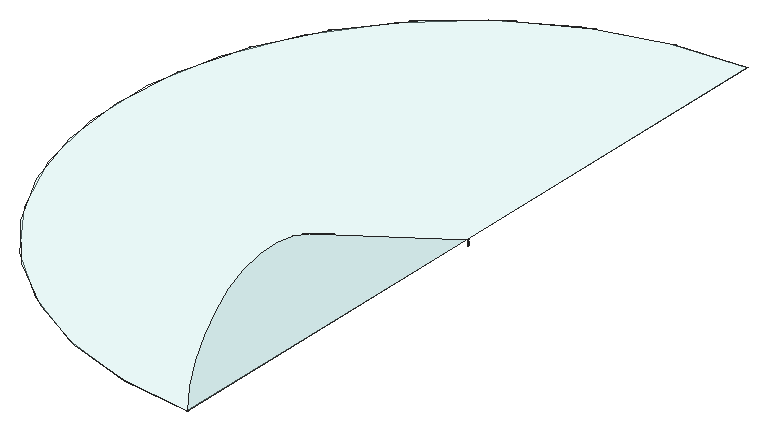
Revit family "Rotor 8005 Series - I8005NPSS", category Acessórios do tubo, Revit 2020
Family settings
  Cota do conector redondo = Utilizar diâmetro
  Tipo de parte = Normal
  Número OmniClass = 23.60.30.11.14
  Título OmniClass = Pipework Fittings
  Com base no plano de trabalho = Não
  Sempre na vertical = Sim
  Corte com vazios quando carregada = Não
  Compartilhado = Não
Parameters (values of type "Nozzle 20")
  Water = Water
  URL = "https://www.rainbird.com/"
  TABLE 90 = "TABLE 90psi"
  TABLE 80 = "TABLE 80psi"
  TABLE 70 = "TABLE 70psi"
  TABLE 60 = "TABLE 60psi"
  TABLE 50 = "TABLE 50psi"
  TABLE 100 = "TABLE 100psi"
  SupportProjetos: Reviw Date = ""  # constant formula
  SupportProjetos: Reviw = "R00"  # constant formula
  SupportProjetos: Level of Detail = "LOD 300"  # constant formula
  SupportProjetos: Developed = "MICHEL SOARES MOTA"  # constant formula
  SupportProjetos: Creation Date = "12/08/2020"  # constant formula
  Side inlet = no
  Rotation Water Visibility [instance] = Pop up on  # yes
  Rotation Angle [instance] = 180.00°
  RainBird: Product Link = "https://www.rainbird.com/"
  RainBird: Description = "I8005-NP-SS Rotor "  # constant formula
  RainBird: Comment [instance] = ""
  RainBird: Code = "B81400NP"  # constant formula
  Radius [instance] = if(and(Pressure = 50.0 psi, Instance < 13 ft), size_lookup(TABLE 50, "Radius", 0 ft, Instance), if(and(Pressure = 60.0 psi, Instance < 13 ft), size_lookup(TABLE 60, "Radius", 0 ft, Instance), if(and(Pressure = 70.0 psi, Instance < 13 ft), size_lookup(TABLE 70, "Radius", 0 ft, Instance), if(and(Pressure = 80.0 psi, Instance < 13 ft), size_lookup(TABLE 80, "Radius", 0 ft, Instance), if(and(Pressure = 90.0 psi, Instance > 4 ft), size_lookup(TABLE 90, "Radius", 0 ft, Instance), if(and(Pressure = 100.0 psi, Instance > 8 ft), size_lookup(TABLE 100, "Radius", 0 ft, Instance), 600 ft))))))  # 73 ft
  RT = 0.009893 ft
  RN = 0.032808 ft
  R5 = 0.03937 ft
  R4 = 0.04101 ft
  R3 = 0.065617 ft
  R2 = 0.075407 ft
  R1 = 0.032808 ft
  Pressure [instance] = 90.0 psi
  Pop up height = 0.417 ft  # constant formula
  Pop up on [instance] = yes
  Modelo = "I8005NPSS"  # constant formula
  Instance = 9 ft
  H1 = Body height / 3  # 0.240667 ft
  Flow [instance] = if(and(Pressure = 50.0 psi, Instance < 13 ft), size_lookup(TABLE 50, "Flow", 0.0 GPM, Instance), if(and(Pressure = 60.0 psi, Instance < 13 ft), size_lookup(TABLE 60, "Flow", 0.0 GPM, Instance), if(and(Pressure = 70.0 psi, Instance < 13 ft), size_lookup(TABLE 70, "Flow", 0.0 GPM, Instance), if(and(Pressure = 80.0 psi, Instance < 13 ft), size_lookup(TABLE 80, "Flow", 0.0 GPM, Instance), if(and(Pressure = 90.0 psi, Instance > 4 ft), size_lookup(TABLE 90, "Flow", 0.0 GPM, Instance), if(and(Pressure = 100.0 psi, Instance > 8 ft), size_lookup(TABLE 100, "Flow", 0.0 GPM, Instance), 600.0 GPM))))))  # 25.3 GPM
  Fabricante = "Rain Bird"
  Elevação padrão = 0 ft
  Description = RainBird: Description  # "I8005-NP-SS Rotor "
  DD13 = 0.002625 ft
  DD12 = 0.003937 ft
  DD11 = 0.009897 ft
  DD10 = 0.016404 ft
  DD8 [instance] = if(Pop up on, Pop up height, 0 ft)  # 0.417 ft
  DD7 = 0.019685 ft
  DD6 [instance] = 0.016404 ft
  DD5 = 0.065617 ft
  DD4 = 0.032808 ft
  DD3 = 0.091048 ft
  DD2 [instance] = 0.024514 ft
  DD9 [instance] = if(Pop up on, Pop up height + 0.049541 ft, 0 ft)  # 0.466541 ft
  DD1 = 0.006562 ft
  Conection = 0.062664 ft  # constant formula
  Body height = 0.722 ft  # constant formula
  Blue = Blue Plastic
  Black Plastic = Black Plastic
  Angle = 25.00°
Types (13, lengths in ft): name | Radius | Pressure | Instance | Flow
  (no name) | 73 | 90.0 psi | 9 | 25.3 GPM
  Nozzle 4 | 39 | 80.0 psi | 1 | 5.0 GPM
  Nozzle 6 | 45 | 80.0 psi | 2 | 7.1 GPM
  Nozzle 8 | 49 | 80.0 psi | 3 | 9.8 GPM
  Nozzle 10 | 55 | 80.0 psi | 4 | 11.8 GPM
  Nozzle 12 | 61 | 80.0 psi | 5 | 14.2 GPM
  Tipo 14 | 63 | 80.0 psi | 6 | 16.4 GPM
  Nozzle 16 | 67 | 80.0 psi | 7 | 18.6 GPM
  Nozzle 18 | 71 | 90.0 psi | 8 | 22.2 GPM
  Nozzle 20 | 73 | 90.0 psi | 9 | 25.3 GPM
  Nozzle 22 | 75 | 90.0 psi | 10 | 29.1 GPM
  Nozzle 24 | 79 | 90.0 psi | 11 | 31.0 GPM
  Nozzle 26 | 79 | 90.0 psi | 12 | 33.7 GPM
Reference planes (ft)
  plane 1 "Centro (Frente/Trás)": y = 0
  plane 2: z = 0
  plane 3 "Centro (Esquerda/Direita)": x = 0
  plane 4: z = 0.003937
  plane 5: z = 0.002625
  plane 6: y = -0.065617
Forms (ft)
  Revolve 1, solid, material "Black Plastic" <- "Black Plastic"
    sketch origin (0, 0, 0) x (1, 0, 0) y (0, 0, 1)
      loop
        line (0.075407, -0.091048) -> (0.075407, -0.035324)
        arc (0.075407, -0.035324) -> (0.072509, -0.028329) -> (0.065514, -0.025431) r 0.009893
        line (0.065514, -0.025431) -> (0.046098, -0.025431) -> (0.046098, 0) -> (0.03937, 0) -> (0.03937, -0.417) -> (0.019685, -0.417) -> (0.019685, -0.715438) -> (0.032808, -0.715438) -> (0.032808, -0.722) -> (0.04101, -0.722) -> (0.04101, -0.715438) -> (0.055724, -0.715438)
        arc (0.055724, -0.715438) -> (0.062719, -0.712541) -> (0.065617, -0.705545) r 0.009893
        line (0.065617, -0.705545) -> (0.065617, -0.091048) -> (0.075407, -0.091048)
      axis (0, -0.722) -> (0, 0)
    angle from 0 to 360
  Extrusion 2, solid, material "Black Plastic" <- "Black Plastic"
    sketch origin (0, 0, 0) x (1, 0, 0) y (0, 1, 0)
      loop
        circle (0, 0) r 0.032808
    from -0.417 to 0.417
  Extrusion 3, void
    sketch origin (0, 0, 0) x (1, 0, 0) y (0, 1, 0)
      loop
        circle (0, 0) r 0.022844
    from -0.417 to 0.417
  Revolve 4, solid, material "Black Plastic" <- "Black Plastic"
    sketch origin (0, 0, 0) x (1, 0, 0) y (0, 0, 1)
      loop
        line (0, 0.417) -> (0.037004, 0.417) -> (0.037004, 0.426897)
        arc (0.037004, 0.426897) -> (0.01879, 0.43179) -> (0, 0.433404) r 0.10685
        line (0, 0.433404) -> (0, 0.417)
      axis (0, 0.417) -> (0, 0.433404)
    angle from 0 to 360
  Extrusion 5, solid, material "Blue Plastic" <- "Blue"
    sketch origin (0, 0, 0) x (1, 0, 0) y (0, 0, 1)
      loop
        circle (0, 0.392486) r 0.009129
      loop
        circle (0, 0.392486) r 0.004793
    from 0 to 0.034386
  Extrusion 6, void
    sketch origin (0, 0, 0) x (1, 0, 0) y (0, 0, 1)
      loop
        line (-0.02074, 0.328055) -> (-0.02074, 0.282426) -> (0.020672, 0.282426) -> (0.020672, 0.328055) -> (-0.02074, 0.328055)
      loop
        line (-0.018439, 0.325179) -> (-0.018439, 0.285685) -> (0.018179, 0.285685) -> (0.018179, 0.325179) -> (-0.018439, 0.325179)
    from 0.024556 to 0.06931
  Extrusion 7, solid, material "Black Plastic" <- "Black Plastic"
    sketch origin (0, 0, 0) x (1, 0, 0) y (0, 0, 1)
      loop
        line (0.046098, 0) -> (0.046098, -0.036876) -> (0.073493, -0.036876) -> (0.046098, 0)
    from -0.002998 to 0.002998
  Extrusion 8, solid, material "Black Plastic" <- "Black Plastic"
    sketch origin (0, 0, 0) x (-1, 0, 0) y (0, 0, -1)
      loop
        line (0.046098, 0) -> (0.073493, 0.036876) -> (0.046098, 0.036876) -> (0.046098, 0)
    from -0.002998 to 0.002998
  Extrusion 9, solid, material "Black Plastic" <- "Black Plastic"
    sketch origin (0, 0, 0) x (0.866025, 0.5, 0) y (0, 0, 1)
      loop
        line (0.046098, 0) -> (0.046098, -0.036876) -> (0.073493, -0.036876) -> (0.046098, 0)
    from -0.002998 to 0.002998
  Extrusion 10, solid, material "Black Plastic" <- "Black Plastic"
    sketch origin (0, 0, 0) x (-0.866025, -0.5, 0) y (0, 0, -1)
      loop
        line (0.046098, 0) -> (0.073493, 0.036876) -> (0.046098, 0.036876) -> (0.046098, 0)
    from -0.002998 to 0.002998
  Extrusion 11, solid, material "Black Plastic" <- "Black Plastic"
    sketch origin (0, 0, 0) x (0, 1, 0) y (0, 0, 1)
      loop
        line (0.046098, 0) -> (0.046098, -0.036876) -> (0.073493, -0.036876) -> (0.046098, 0)
    from -0.002998 to 0.002998
  Extrusion 12, solid, material "Black Plastic" <- "Black Plastic"
    sketch origin (0, 0, 0) x (0, -1, 0) y (0, 0, -1)
      loop
        line (0.046098, 0) -> (0.073493, 0.036876) -> (0.046098, 0.036876) -> (0.046098, 0)
    from -0.002998 to 0.002998
  Extrusion 13, solid, material "Black Plastic" <- "Black Plastic"
    sketch origin (0, 0, 0) x (0.5, 0.866025, 0) y (0, 0, 1)
      loop
        line (0.046098, 0) -> (0.046098, -0.036876) -> (0.073493, -0.036876) -> (0.046098, 0)
    from -0.002998 to 0.002998
  Extrusion 14, solid, material "Black Plastic" <- "Black Plastic"
    sketch origin (0, 0, 0) x (-0.5, -0.866025, 0) y (0, 0, -1)
      loop
        line (0.046098, 0) -> (0.073493, 0.036876) -> (0.046098, 0.036876) -> (0.046098, 0)
    from -0.002998 to 0.002998
  Extrusion 15, solid, material "Black Plastic" <- "Black Plastic"
    sketch origin (0, 0, 0) x (-0.5, 0.866025, 0) y (0, 0, 1)
      loop
        line (0.046098, 0) -> (0.046098, -0.036876) -> (0.073493, -0.036876) -> (0.046098, 0)
    from -0.002998 to 0.002998
  Extrusion 16, solid, material "Black Plastic" <- "Black Plastic"
    sketch origin (0, 0, 0) x (0.5, -0.866025, 0) y (0, 0, -1)
      loop
        line (0.046098, 0) -> (0.073493, 0.036876) -> (0.046098, 0.036876) -> (0.046098, 0)
    from -0.002998 to 0.002998
  Extrusion 17, solid, material "Black Plastic" <- "Black Plastic"
    sketch origin (0, 0, 0) x (-0.866025, 0.5, 0) y (0, 0, 1)
      loop
        line (0.046098, 0) -> (0.046098, -0.036876) -> (0.073493, -0.036876) -> (0.046098, 0)
    from -0.002998 to 0.002998
  Extrusion 18, solid, material "Black Plastic" <- "Black Plastic"
    sketch origin (0, 0, 0) x (0.866025, -0.5, 0) y (0, 0, -1)
      loop
        line (0.046098, 0) -> (0.073493, 0.036876) -> (0.046098, 0.036876) -> (0.046098, 0)
    from -0.002998 to 0.002998
  Extrusion 19, void
    sketch origin (0, 0, 0) x (1, 0, 0) y (0, 1, 0)
      loop
        line (-0.002998, 0.077702) -> (-0.002998, 0.071655) -> (0.002998, 0.071655) -> (0.002998, 0.077702) -> (-0.002998, 0.077702)
    from -0.091048 to 0.82021
  Extrusion 20, void
    sketch origin (0, 0, 0) x (1, 0, 0) y (0, 1, 0)
      loop
        line (0.002998, -0.077702) -> (0.002998, -0.071655) -> (-0.002998, -0.071655) -> (-0.002998, -0.077702) -> (0.002998, -0.077702)
    from -0.091048 to 0.82021
  Extrusion 21, void
    sketch origin (0, 0, 0) x (0.965926, 0.258819, 0) y (-0.258819, 0.965926, 0)
      loop
        line (-0.002998, 0.077702) -> (-0.002998, 0.071655) -> (0.002998, 0.071655) -> (0.002998, 0.077702) -> (-0.002998, 0.077702)
    from -0.091048 to 0.82021
  Extrusion 22, void
    sketch origin (0, 0, 0) x (0.965926, 0.258819, 0) y (-0.258819, 0.965926, 0)
      loop
        line (0.002998, -0.077702) -> (0.002998, -0.071655) -> (-0.002998, -0.071655) -> (-0.002998, -0.077702) -> (0.002998, -0.077702)
    from -0.091048 to 0.82021
  Extrusion 23, void
    sketch origin (0, 0, 0) x (0.866025, 0.5, 0) y (-0.5, 0.866025, 0)
      loop
        line (-0.002998, 0.077702) -> (-0.002998, 0.071655) -> (0.002998, 0.071655) -> (0.002998, 0.077702) -> (-0.002998, 0.077702)
    from -0.091048 to 0.82021
  Extrusion 24, void
    sketch origin (0, 0, 0) x (0.866025, 0.5, 0) y (-0.5, 0.866025, 0)
      loop
        line (0.002998, -0.077702) -> (0.002998, -0.071655) -> (-0.002998, -0.071655) -> (-0.002998, -0.077702) -> (0.002998, -0.077702)
    from -0.091048 to 0.82021
  Extrusion 25, void
    sketch origin (0, 0, 0) x (0.5, 0.866025, 0) y (-0.866025, 0.5, 0)
      loop
        line (-0.002998, 0.077702) -> (-0.002998, 0.071655) -> (0.002998, 0.071655) -> (0.002998, 0.077702) -> (-0.002998, 0.077702)
    from -0.091048 to 0.82021
  Extrusion 26, void
    sketch origin (0, 0, 0) x (0.5, 0.866025, 0) y (-0.866025, 0.5, 0)
      loop
        line (0.002998, -0.077702) -> (0.002998, -0.071655) -> (-0.002998, -0.071655) -> (-0.002998, -0.077702) -> (0.002998, -0.077702)
    from -0.091048 to 0.82021
  Extrusion 27, void
    sketch origin (0, 0, 0) x (0.707107, 0.707107, 0) y (-0.707107, 0.707107, 0)
      loop
        line (-0.002998, 0.077702) -> (-0.002998, 0.071655) -> (0.002998, 0.071655) -> (0.002998, 0.077702) -> (-0.002998, 0.077702)
    from -0.091048 to 0.82021
  Extrusion 28, void
    sketch origin (0, 0, 0) x (0.707107, 0.707107, 0) y (-0.707107, 0.707107, 0)
      loop
        line (0.002998, -0.077702) -> (0.002998, -0.071655) -> (-0.002998, -0.071655) -> (-0.002998, -0.077702) -> (0.002998, -0.077702)
    from -0.091048 to 0.82021
  Extrusion 29, void
    sketch origin (0, 0, 0) x (0.258819, 0.965926, 0) y (-0.965926, 0.258819, 0)
      loop
        line (-0.002998, 0.077702) -> (-0.002998, 0.071655) -> (0.002998, 0.071655) -> (0.002998, 0.077702) -> (-0.002998, 0.077702)
    from -0.091048 to 0.82021
  Extrusion 30, void
    sketch origin (0, 0, 0) x (0.258819, 0.965926, 0) y (-0.965926, 0.258819, 0)
      loop
        line (0.002998, -0.077702) -> (0.002998, -0.071655) -> (-0.002998, -0.071655) -> (-0.002998, -0.077702) -> (0.002998, -0.077702)
    from -0.091048 to 0.82021
  Extrusion 31, void
    sketch origin (0, 0, 0) x (0, 1, 0) y (-1, 0, 0)
      loop
        line (-0.002998, 0.077702) -> (-0.002998, 0.071655) -> (0.002998, 0.071655) -> (0.002998, 0.077702) -> (-0.002998, 0.077702)
    from -0.091048 to 0.82021
  Extrusion 32, void
    sketch origin (0, 0, 0) x (0, 1, 0) y (-1, 0, 0)
      loop
        line (0.002998, -0.077702) -> (0.002998, -0.071655) -> (-0.002998, -0.071655) -> (-0.002998, -0.077702) -> (0.002998, -0.077702)
    from -0.091048 to 0.82021
  Extrusion 33, void
    sketch origin (0, 0, 0) x (-0.258819, 0.965926, 0) y (-0.965926, -0.258819, 0)
      loop
        line (-0.002998, 0.077702) -> (-0.002998, 0.071655) -> (0.002998, 0.071655) -> (0.002998, 0.077702) -> (-0.002998, 0.077702)
    from -0.091048 to 0.82021
  Extrusion 34, void
    sketch origin (0, 0, 0) x (-0.258819, 0.965926, 0) y (-0.965926, -0.258819, 0)
      loop
        line (0.002998, -0.077702) -> (0.002998, -0.071655) -> (-0.002998, -0.071655) -> (-0.002998, -0.077702) -> (0.002998, -0.077702)
    from -0.091048 to 0.82021
  Extrusion 35, void
    sketch origin (0, 0, 0) x (-0.5, 0.866025, 0) y (-0.866025, -0.5, 0)
      loop
        line (-0.002998, 0.077702) -> (-0.002998, 0.071655) -> (0.002998, 0.071655) -> (0.002998, 0.077702) -> (-0.002998, 0.077702)
    from -0.091048 to 0.82021
  Extrusion 36, void
    sketch origin (0, 0, 0) x (-0.5, 0.866025, 0) y (-0.866025, -0.5, 0)
      loop
        line (0.002998, -0.077702) -> (0.002998, -0.071655) -> (-0.002998, -0.071655) -> (-0.002998, -0.077702) -> (0.002998, -0.077702)
    from -0.091048 to 0.82021
  Extrusion 37, void
    sketch origin (0, 0, 0) x (-0.707107, 0.707107, 0) y (-0.707107, -0.707107, 0)
      loop
        line (-0.002998, 0.077702) -> (-0.002998, 0.071655) -> (0.002998, 0.071655) -> (0.002998, 0.077702) -> (-0.002998, 0.077702)
    from -0.091048 to 0.82021
  Extrusion 38, void
    sketch origin (0, 0, 0) x (-0.707107, 0.707107, 0) y (-0.707107, -0.707107, 0)
      loop
        line (0.002998, -0.077702) -> (0.002998, -0.071655) -> (-0.002998, -0.071655) -> (-0.002998, -0.077702) -> (0.002998, -0.077702)
    from -0.091048 to 0.82021
  Extrusion 39, void
    sketch origin (0, 0, 0) x (-0.866025, 0.5, 0) y (-0.5, -0.866025, 0)
      loop
        line (-0.002998, 0.077702) -> (-0.002998, 0.071655) -> (0.002998, 0.071655) -> (0.002998, 0.077702) -> (-0.002998, 0.077702)
    from -0.091048 to 0.82021
  Extrusion 40, void
    sketch origin (0, 0, 0) x (-0.866025, 0.5, 0) y (-0.5, -0.866025, 0)
      loop
        line (0.002998, -0.077702) -> (0.002998, -0.071655) -> (-0.002998, -0.071655) -> (-0.002998, -0.077702) -> (0.002998, -0.077702)
    from -0.091048 to 0.82021
  Extrusion 41, void
    sketch origin (0, 0, 0) x (-0.965926, 0.258819, 0) y (-0.258819, -0.965926, 0)
      loop
        line (-0.002998, 0.077702) -> (-0.002998, 0.071655) -> (0.002998, 0.071655) -> (0.002998, 0.077702) -> (-0.002998, 0.077702)
    from -0.091048 to 0.82021
  Extrusion 42, void
    sketch origin (0, 0, 0) x (-0.965926, 0.258819, 0) y (-0.258819, -0.965926, 0)
      loop
        line (0.002998, -0.077702) -> (0.002998, -0.071655) -> (-0.002998, -0.071655) -> (-0.002998, -0.077702) -> (0.002998, -0.077702)
    from -0.091048 to 0.82021
  Extrusion 43, solid, material "Water" <- "Water", visible <- "Rotation Water Visibility"
    sketch origin (0, 0, 0) x (0, 1, 0) y (0, 0, 1)
      loop
        line (-0.032808, 0.392486) -> (-41.314762, 19.642577)
        arc (-41.314762, 19.642577) -> (-62.318922, 18.495086) -> (-73.032808, 0.392486) r 22.310372
        line (-73.032808, 0.392486) -> (-0.032808, 0.392486)
    from -0.008202 to 0.008202
Cuts and joins
  Extrusion 3, Extrusion 6 cuts Extrusion 2
  Extrusion 19, Extrusion 20, Extrusion 21, Extrusion 22, Extrusion 23, Extrusion 24, Extrusion 25, Extrusion 26, Extrusion 27, Extrusion 28, Extrusion 29, Extrusion 30, Extrusion 31, Extrusion 32, Extrusion 33, Extrusion 34, Extrusion 35, Extrusion 36, Extrusion 37, Extrusion 38, Extrusion 39, Extrusion 40, Extrusion 41, Extrusion 42 cuts Revolve 1
Dimensions and locks (ft)
  "Body height": level to Revolve 1 sketch curve
  "R2": Revolve 1 sketch curve to plane 3 "Centro (Esquerda/Direita)"
  "DD1": Revolve 1 sketch curve to Revolve 1 sketch curve
  "DD3": level to Revolve 1 sketch curve
  Revolve 1 sketch curve to plane 3 "Centro (Esquerda/Direita)" = 0.065617 ft
  "R4": Revolve 1 sketch curve to plane 3 "Centro (Esquerda/Direita)"
  "RN": Revolve 1 sketch curve to plane 3 "Centro (Esquerda/Direita)"
  "Pop up height": level to Revolve 1 sketch curve
  "R5": plane 3 "Centro (Esquerda/Direita)" to Revolve 1 sketch curve
  "DD7": Revolve 1 sketch curve to plane 3 "Centro (Esquerda/Direita)"
  "DD8": Extrusion 2 to level
  "DD12": plane 4 to level
  "DD13": plane 5 to level
  "R3": plane 6 to plane 1 "Centro (Frente/Trás)"
  "DD5": Revolve 1 sketch curve to Revolve 1 sketch curve
  "DD10": Revolve 4 sketch curve to Revolve 4 sketch curve
  "DD11": Revolve 4 sketch curve to Revolve 4 sketch curve
  "DD2": Revolve 4 to Extrusion 5 sketch curve  (x2)
  Extrusion 7 to plane 3 "Centro (Esquerda/Direita)" = 0.046098 ft
  equal spacing: Extrusion 7, plane 1 "Centro (Frente/Trás)", Extrusion 7
  Extrusion 8 to Extrusion 8 = 0.005995 ft
  Extrusion 9 to Extrusion 9 = 0.005995 ft
  Extrusion 20 sketch curve to Extrusion 20 sketch curve = 0.005995 ft
  Extrusion 22 sketch curve to Extrusion 22 sketch curve = 0.005995 ft
  Extrusion 24 sketch curve to Extrusion 24 sketch curve = 0.005995 ft
  Extrusion 26 sketch curve to Extrusion 26 sketch curve = 0.005995 ft
  Extrusion 28 sketch curve to Extrusion 28 sketch curve = 0.005995 ft
  Extrusion 30 sketch curve to Extrusion 30 sketch curve = 0.005995 ft
  Extrusion 32 sketch curve to Extrusion 32 sketch curve = 0.005995 ft
  Extrusion 34 sketch curve to Extrusion 34 sketch curve = 0.005995 ft
  Extrusion 36 sketch curve to Extrusion 36 sketch curve = 0.005995 ft
  Extrusion 38 sketch curve to Extrusion 38 sketch curve = 0.005995 ft
  Extrusion 40 sketch curve to Extrusion 40 sketch curve = 0.005995 ft
  Extrusion 42 sketch curve to Extrusion 42 sketch curve = 0.005995 ft
  "DD4": plane 1 "Centro (Frente/Trás)" to Extrusion 43 sketch curve
  "DD2": Revolve 4 to Extrusion 43 sketch curve
  "Radius": Extrusion 43 sketch curve to Extrusion 43 sketch curve
  equal spacing: Extrusion 43, plane 3 "Centro (Esquerda/Direita)", Extrusion 43
  "DD6": Extrusion 43 to Extrusion 43
  "DD2": Revolve 4 to nested 1
  "RT": radius of Revolve 1 sketch curve  (x2)
  "R1": radius of Extrusion 2 sketch curve
  "Angle": angle Extrusion 43 sketch curve to Extrusion 43 sketch curve
  aligned and locked: level to plane 2
  aligned and locked: Revolve 1 sketch curve to Revolve 1 sketch curve
  aligned and locked: Extrusion 2 to Revolve 1
  aligned and locked: cut or joined group of Extrusion 2, Extrusion 3, Extrusion 6 to cut or joined group of Extrusion 2, Extrusion 3, Extrusion 6  (x2)
  aligned and locked: Revolve 4 sketch curve to cut or joined group of Extrusion 2, Extrusion 3, Extrusion 6
  aligned and locked: Extrusion 20 to Revolve 1
  aligned and locked: Extrusion 22 to Revolve 1
  aligned and locked: Extrusion 24 to Revolve 1
  aligned and locked: Extrusion 28 to Revolve 1
  aligned and locked: Extrusion 26 to Revolve 1
  aligned and locked: Extrusion 30 to Revolve 1
  aligned and locked: Extrusion 32 to Revolve 1
  aligned and locked: Extrusion 34 to Revolve 1
  aligned and locked: Revolve 1 to Extrusion 36
  aligned and locked: Revolve 1 to Extrusion 38
  aligned and locked: Extrusion 41 to Revolve 1
  aligned and locked: Extrusion 39 to Revolve 1
  aligned and locked: Extrusion 37 to Revolve 1
  aligned and locked: Extrusion 35 to Revolve 1
  aligned and locked: Extrusion 33 to Revolve 1
  aligned and locked: Extrusion 31 to Revolve 1
  aligned and locked: Extrusion 29 to Revolve 1
  aligned and locked: Revolve 1 to Extrusion 25
  aligned and locked: Revolve 1 to Extrusion 27
  aligned and locked: Revolve 1 to Extrusion 19
  aligned and locked: Revolve 1 to Extrusion 21
  aligned and locked: Revolve 1 to Extrusion 42
  aligned and locked: Revolve 1 to Extrusion 40
  aligned and locked: Revolve 1 to Extrusion 23
Automatic sketch dimensions
  plane 1 "Centro (Frente/Trás)" to Extrusion 2 sketch curve = 0 ft
  Extrusion 2 sketch curve to plane 3 "Centro (Esquerda/Direita)" = 0 ft
  plane 1 "Centro (Frente/Trás)" to Extrusion 3 sketch curve = 0 ft
  Extrusion 3 sketch curve to plane 3 "Centro (Esquerda/Direita)" = 0 ft
  Revolve 4 sketch curve to plane 3 "Centro (Esquerda/Direita)" = 0 ft  (x2)
  plane 3 "Centro (Esquerda/Direita)" to Revolve 4 sketch curve = 0.000284 ft
  plane 3 "Centro (Esquerda/Direita)" to Revolve 4 sketch curve = 0.037004 ft
  Revolve 4 sketch curve to Revolve 4 sketch curve = 0.015719 ft
  Revolve 4 sketch curve to Revolve 4 sketch curve = 0.114829 ft
  Extrusion 5 sketch curve to Extrusion 5 sketch curve = 0 ft
  Extrusion 5 sketch curve to plane 3 "Centro (Esquerda/Direita)" = 0 ft
  Extrusion 6 sketch curve to plane 3 "Centro (Esquerda/Direita)" = 0.02074 ft
  Extrusion 6 sketch curve to Extrusion 6 sketch curve = 0.002301 ft
  plane 3 "Centro (Esquerda/Direita)" to Extrusion 6 sketch curve = 0.018179 ft
  Extrusion 6 sketch curve to Extrusion 6 sketch curve = 0.002492 ft
  plane 4 to Extrusion 6 sketch curve = 0.278489 ft
  Extrusion 6 sketch curve to Extrusion 6 sketch curve = 0.003259 ft
  Extrusion 6 sketch curve to Extrusion 6 sketch curve = 0.039494 ft
  Extrusion 6 sketch curve to Extrusion 6 sketch curve = 0.002876 ft
  Extrusion 7 sketch curve to level = 0 ft
  plane 3 "Centro (Esquerda/Direita)" to Extrusion 7 sketch curve = 0.046098 ft
  Extrusion 7 sketch curve to Extrusion 7 sketch curve = 0.027396 ft
  Extrusion 7 sketch curve to Extrusion 7 sketch curve = 0.036876 ft
  Extrusion 8 sketch curve to level = 0 ft
  plane 3 "Centro (Esquerda/Direita)" to Extrusion 8 sketch curve = 0.046098 ft
  Extrusion 8 sketch curve to Extrusion 8 sketch curve = 0.027396 ft
  Extrusion 8 sketch curve to Extrusion 8 sketch curve = 0.036876 ft
  Extrusion 9 sketch curve to level = 0 ft
  Extrusion 9 sketch curve to level = 0.036876 ft
  Extrusion 9 sketch curve to Extrusion 9 sketch curve = 0.027396 ft
  Extrusion 10 sketch curve to level = 0 ft
  Extrusion 10 sketch curve to level = 0.036876 ft
  Extrusion 10 sketch curve to Extrusion 10 sketch curve = 0.027396 ft
  Extrusion 11 sketch curve to level = 0 ft
  Extrusion 11 sketch curve to plane 1 "Centro (Frente/Trás)" = 0.046098 ft
  Extrusion 11 sketch curve to Extrusion 11 sketch curve = 0.027396 ft
  Extrusion 11 sketch curve to Extrusion 11 sketch curve = 0.036876 ft
  Extrusion 12 sketch curve to level = 0 ft
  plane 6 to Extrusion 12 sketch curve = 0.019519 ft
  Extrusion 12 sketch curve to plane 6 = 0.007877 ft
  Extrusion 12 sketch curve to level = 0.036876 ft
  Extrusion 13 sketch curve to level = 0 ft
  Extrusion 13 sketch curve to level = 0.036876 ft
  Extrusion 13 sketch curve to Extrusion 13 sketch curve = 0.027396 ft
  Extrusion 14 sketch curve to level = 0 ft
  Extrusion 14 sketch curve to level = 0.036876 ft
  Extrusion 14 sketch curve to Extrusion 14 sketch curve = 0.027396 ft
  level to Extrusion 15 sketch curve = 0 ft
  Extrusion 15 sketch curve to level = 0.036876 ft
  Extrusion 15 sketch curve to Extrusion 15 sketch curve = 0.027396 ft
  level to Extrusion 16 sketch curve = 0 ft
  Extrusion 16 sketch curve to level = 0.036876 ft
  Extrusion 16 sketch curve to Extrusion 16 sketch curve = 0.027396 ft
  level to Extrusion 17 sketch curve = 0 ft
  Extrusion 17 sketch curve to level = 0.036876 ft
  Extrusion 17 sketch curve to Extrusion 17 sketch curve = 0.027396 ft
  level to Extrusion 18 sketch curve = 0 ft
  Extrusion 18 sketch curve to level = 0.036876 ft
  Extrusion 18 sketch curve to Extrusion 18 sketch curve = 0.027396 ft
  Extrusion 19 sketch curve to plane 3 "Centro (Esquerda/Direita)" = 0.002998 ft
  Extrusion 19 sketch curve to plane 1 "Centro (Frente/Trás)" = 0.071655 ft
  Extrusion 19 sketch curve to Extrusion 19 sketch curve = 0.006047 ft
  plane 3 "Centro (Esquerda/Direita)" to Extrusion 20 sketch curve = 0.002998 ft
  plane 6 to Extrusion 20 sketch curve = 0.006038 ft
  Extrusion 20 sketch curve to Extrusion 20 sketch curve = 0.006047 ft
  plane 3 "Centro (Esquerda/Direita)" to Extrusion 19 sketch curve = 0.002998 ft
  Extrusion 21 sketch curve to plane 3 "Centro (Esquerda/Direita)" = 0.021441 ft
  Extrusion 21 sketch curve to plane 1 "Centro (Frente/Trás)" = 0.068438 ft
  Extrusion 21 sketch curve to Extrusion 21 sketch curve = 0.005995 ft
  Extrusion 21 sketch curve to Extrusion 21 sketch curve = 0.006047 ft
  Extrusion 22 sketch curve to plane 6 = 0.010213 ft
  plane 3 "Centro (Esquerda/Direita)" to Extrusion 22 sketch curve = 0.017215 ft
  Extrusion 22 sketch curve to Extrusion 22 sketch curve = 0.006047 ft
  Extrusion 23 sketch curve to plane 3 "Centro (Esquerda/Direita)" = 0.038424 ft
  Extrusion 23 sketch curve to plane 1 "Centro (Frente/Trás)" = 0.060556 ft
  Extrusion 23 sketch curve to Extrusion 23 sketch curve = 0.005995 ft
  Extrusion 23 sketch curve to Extrusion 23 sketch curve = 0.006047 ft
  Extrusion 24 sketch curve to plane 6 = 0.003174 ft
  plane 3 "Centro (Esquerda/Direita)" to Extrusion 24 sketch curve = 0.036255 ft
  Extrusion 24 sketch curve to Extrusion 24 sketch curve = 0.006047 ft
  Extrusion 25 sketch curve to plane 1 "Centro (Frente/Trás)" = 0.033231 ft
  Extrusion 25 sketch curve to plane 3 "Centro (Esquerda/Direita)" = 0.063554 ft
  Extrusion 25 sketch curve to Extrusion 25 sketch curve = 0.005995 ft
  Extrusion 25 sketch curve to Extrusion 25 sketch curve = 0.006047 ft
  Extrusion 26 sketch curve to plane 6 = 0.02417 ft
  Extrusion 26 sketch curve to plane 3 "Centro (Esquerda/Direita)" = 0.065793 ft
  Extrusion 26 sketch curve to Extrusion 26 sketch curve = 0.006047 ft
  Extrusion 27 sketch curve to plane 1 "Centro (Frente/Trás)" = 0.048548 ft
  Extrusion 27 sketch curve to plane 3 "Centro (Esquerda/Direita)" = 0.052787 ft
  Extrusion 27 sketch curve to Extrusion 27 sketch curve = 0.005995 ft
  Extrusion 27 sketch curve to Extrusion 27 sketch curve = 0.006047 ft
  plane 6 to Extrusion 28 sketch curve = 0.008554 ft
  plane 3 "Centro (Esquerda/Direita)" to Extrusion 28 sketch curve = 0.052824 ft
  Extrusion 28 sketch curve to Extrusion 28 sketch curve = 0.006047 ft
  Extrusion 29 sketch curve to plane 1 "Centro (Frente/Trás)" = 0.01565 ft
  Extrusion 29 sketch curve to plane 3 "Centro (Esquerda/Direita)" = 0.069989 ft
  Extrusion 29 sketch curve to Extrusion 29 sketch curve = 0.005995 ft
  Extrusion 29 sketch curve to Extrusion 29 sketch curve = 0.006047 ft
  plane 1 "Centro (Frente/Trás)" to Extrusion 30 sketch curve = 0.023006 ft
  plane 3 "Centro (Esquerda/Direita)" to Extrusion 30 sketch curve = 0.074278 ft
  Extrusion 30 sketch curve to Extrusion 30 sketch curve = 0.006047 ft
  plane 1 "Centro (Frente/Trás)" to Extrusion 31 sketch curve = 0.002998 ft
  Extrusion 31 sketch curve to plane 1 "Centro (Frente/Trás)" = 0.002998 ft
  Extrusion 31 sketch curve to plane 3 "Centro (Esquerda/Direita)" = 0.071655 ft
  Extrusion 31 sketch curve to Extrusion 31 sketch curve = 0.006047 ft
  plane 1 "Centro (Frente/Trás)" to Extrusion 32 sketch curve = 0.002998 ft
  plane 3 "Centro (Esquerda/Direita)" to Extrusion 32 sketch curve = 0.077702 ft
  Extrusion 32 sketch curve to Extrusion 32 sketch curve = 0.006047 ft
  plane 1 "Centro (Frente/Trás)" to Extrusion 33 sketch curve = 0.021441 ft
  Extrusion 33 sketch curve to plane 3 "Centro (Esquerda/Direita)" = 0.068438 ft
  Extrusion 33 sketch curve to Extrusion 33 sketch curve = 0.005995 ft
  Extrusion 33 sketch curve to Extrusion 33 sketch curve = 0.006047 ft
  Extrusion 34 sketch curve to plane 1 "Centro (Frente/Trás)" = 0.017215 ft
  plane 3 "Centro (Esquerda/Direita)" to Extrusion 34 sketch curve = 0.07583 ft
  Extrusion 34 sketch curve to Extrusion 34 sketch curve = 0.006047 ft
  plane 6 to Extrusion 35 sketch curve = 0.027193 ft
  Extrusion 35 sketch curve to plane 3 "Centro (Esquerda/Direita)" = 0.060556 ft
  Extrusion 35 sketch curve to Extrusion 35 sketch curve = 0.005995 ft
  Extrusion 35 sketch curve to Extrusion 35 sketch curve = 0.006047 ft
  Extrusion 36 sketch curve to plane 1 "Centro (Frente/Trás)" = 0.036255 ft
  plane 3 "Centro (Esquerda/Direita)" to Extrusion 36 sketch curve = 0.068791 ft
  Extrusion 36 sketch curve to Extrusion 36 sketch curve = 0.006047 ft
  plane 6 to Extrusion 37 sketch curve = 0.012829 ft
  Extrusion 37 sketch curve to plane 3 "Centro (Esquerda/Direita)" = 0.048548 ft
  Extrusion 37 sketch curve to Extrusion 37 sketch curve = 0.005995 ft
  Extrusion 37 sketch curve to Extrusion 37 sketch curve = 0.006047 ft
  Extrusion 38 sketch curve to plane 1 "Centro (Frente/Trás)" = 0.052824 ft
  plane 3 "Centro (Esquerda/Direita)" to Extrusion 38 sketch curve = 0.057063 ft
  Extrusion 38 sketch curve to Extrusion 38 sketch curve = 0.006047 ft
  plane 6 to Extrusion 39 sketch curve = 0.002063 ft
  Extrusion 39 sketch curve to plane 3 "Centro (Esquerda/Direita)" = 0.033231 ft
  Extrusion 39 sketch curve to Extrusion 39 sketch curve = 0.005995 ft
  Extrusion 39 sketch curve to Extrusion 39 sketch curve = 0.006047 ft
  plane 3 "Centro (Esquerda/Direita)" to Extrusion 40 sketch curve = 0.041447 ft
  Extrusion 40 sketch curve to plane 1 "Centro (Frente/Trás)" = 0.065793 ft
  Extrusion 40 sketch curve to Extrusion 40 sketch curve = 0.006047 ft
  Extrusion 41 sketch curve to plane 6 = 0.004372 ft
  Extrusion 41 sketch curve to plane 3 "Centro (Esquerda/Direita)" = 0.01565 ft
  Extrusion 41 sketch curve to Extrusion 41 sketch curve = 0.005995 ft
  Extrusion 41 sketch curve to Extrusion 41 sketch curve = 0.006047 ft
  plane 3 "Centro (Esquerda/Direita)" to Extrusion 42 sketch curve = 0.023006 ft
  Extrusion 42 sketch curve to plane 1 "Centro (Frente/Trás)" = 0.074278 ft
  Extrusion 42 sketch curve to Extrusion 42 sketch curve = 0.006047 ft
  Revolve 1 sketch curve to plane 3 "Centro (Esquerda/Direita)" = 0 ft
  Revolve 1 sketch curve to level = 0 ft
  Revolve 1 sketch curve to Revolve 1 sketch curve = 0.019416 ft
  plane 4 to Revolve 1 sketch curve = 0.079347 ft
  Revolve 1 sketch curve to Revolve 1 sketch curve = 0.918635 ft
  Extrusion 43 sketch curve to level = 0.577487 ft
  radius of Extrusion 3 sketch curve = 0.022844 ft
  radius of Extrusion 5 sketch curve = 0.009129 ft
  radius of Extrusion 5 sketch curve = 0.004793 ft
Nested families (ft)
  nested 1: "Water" at (0.000235, 0, 0.273228) x (0, -1, 0) z (0, 0, 1), DT9 <- "DD4", Radius <- "Radius", visible <- "Rotation Water Visibility", Rotation Angle <- "Rotation Angle", type "Water"
    with Rotation Angle 180.00°, Radius 73 ft, DT9 0.032808 ft, DT8 0 ft, DT7 292 ft, DT4 365 ft, Angle 2 180.00°
Connectors (ft)
  piping at (0, 0, -0.722), diameter 2
    settings: on cut or joined group of Revolve 1, Extrusion 19, Extrusion 20, Extrusion 21, Extrusion 22, Extrusion 23, Extrusion 24, Extrusion 25, Extrusion 26, Extrusion 27, Extrusion 28, Extrusion 29, Extrusion 30, Extrusion 31, Extrusion 32, Extrusion 33, Extrusion 34, Extrusion 35, Extrusion 36, Extrusion 37, Extrusion 38, Extrusion 39, Extrusion 40, Extrusion 41, Extrusion 42, index 1, connector inside diameter 609.6 mm, connector length 0 ft, flow factor 0, pipe flow 0.0 GPM, pressure drop 0.0 psi, fitting loss kfactor 0, connector angle 0.00°, fixture units 0, engagement length 0 ft, angle of deflection 0.00°, flow configuration 0, flow direction 0, fitting loss method 0, system type 28, joint type 0, gender type 0, connector reference index -1, connector utility 0, adjustable connector no, is connector primary yes, connector description ""
Definition of nested family "Water"
  Parameters (values of type "Water")
    Water Visibility (Circle) = yes
    Water = none
    URL = ""
    SupportProjetos: Reviw Date = ""  # constant formula
    SupportProjetos: Level of Detail = "LOD 300"  # constant formula
    SupportProjetos: Developed = "MICHEL SOARES MOTA"  # constant formula
    SupportProjetos: Creation Date = "16/07/2020"  # constant formula
    Rotation Angle [instance] = 90.00°
    Reviw = "R00"  # constant formula
    Radius [instance] = 14 ft
    Model = ""
    Default Elevation = 4 ft
    Description = ""
    DT9 [instance] = 0.032808 ft
    DT8 [instance] = if(Rotation Angle = 360.00°, 10 ft, 0 ft)  # 0 ft
    DT7 [instance] = 4 * Radius  # 56 ft
    DT4 [instance] = 5 * Radius  # 70 ft
    DT2 = 0.098425 ft  # constant formula
    DT6 = 0 ft
    Angle 2 [instance] = if(Rotation Angle = 360.00°, 180.00°, 360.00° - Rotation Angle)  # 270.00°
  Reference planes (ft)
    plane 1 "Centro (Frente/Trás)": y = 0
    plane 2: z = 0
    plane 3 "Centro (Esquerda/Direita)": x = 0
  Forms (ft)
    Revolve 1, solid, material <- "Water", visible <- "Water Visibility (Circle)"
      sketch origin (0, 0, 0) x (1, 0, 0) y (0, 0, 1)
        loop
          line (0.032808, 0.098425) -> (14.032808, 0.098425) -> (14.032808, 0.119259) -> (0.032808, 0.119259) -> (0.032808, 0.098425)
        axis (0, 0.098425) -> (0, 0.119259)
      angle from 0 to 360
    Extrusion 2, void
      sketch origin (0, 0, 0) x (1, 0, 0) y (0, 1, 0)
        loop
          line (0, 0) -> (70, 0) -> (70, 56)
          arc (70, 56) -> (-70.459018, 51.588344) -> (0, -70) r 81.847109
          line (0, -70) -> (0, 0)
      from 0 to 15.189231
  Cuts and joins
    Extrusion 2 cuts Revolve 1
  Dimensions and locks (ft)
    "DT2": Revolve 1 sketch curve to level
    "DT4": Extrusion 2 sketch curve to Extrusion 2 sketch curve  (x2)
    "DT6": Extrusion 2 sketch curve to plane 3 "Centro (Esquerda/Direita)"
    "DT7": Extrusion 2 sketch curve to Extrusion 2 sketch curve
    "DT8": cut or joined group of Revolve 1, Extrusion 2 to level
    "Radius": Revolve 1 sketch curve to Revolve 1 sketch curve
    "DT9": Revolve 1 sketch curve to plane 3 "Centro (Esquerda/Direita)"
    "Angle 2": angle Extrusion 2 sketch curve to Extrusion 2 sketch curve
    aligned and locked: level to plane 2
    aligned and locked: plane 1 "Centro (Frente/Trás)" to Extrusion 2 sketch curve
  Automatic sketch dimensions
    plane 3 "Centro (Esquerda/Direita)" to Extrusion 2 sketch curve = 1.088227 ft
    Revolve 1 sketch curve to plane 3 "Centro (Esquerda/Direita)" = 0 ft
    Revolve 1 sketch curve to Revolve 1 sketch curve = 0.020833 ft
    Revolve 1 sketch curve to Revolve 1 sketch curve = 0.032113 ft
    Revolve 1 sketch curve to Revolve 1 sketch curve = 10.2693 ft
